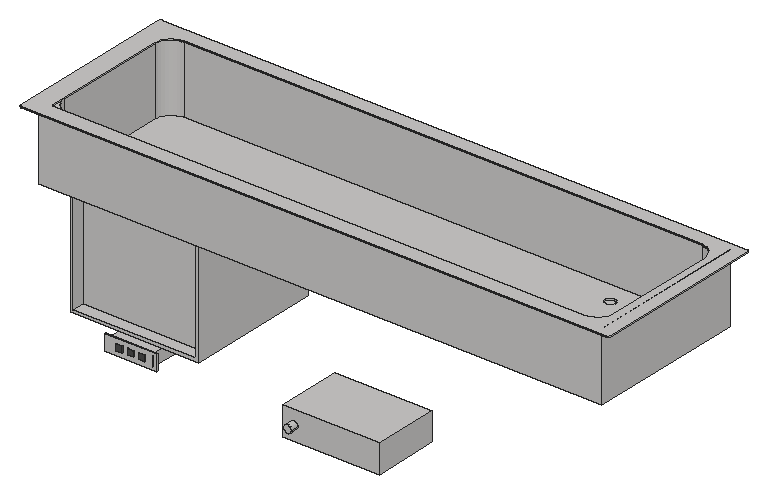
Revit family "QF_ELECTROLUXPROFESSIONAL_341040_D10C6", category Specialty Equipment, Revit 2018
Family settings
  Round Connector Dimension = Use Diameter
  Part Type = Normal
  Work Plane-Based = No
  Always vertical = Yes
  Cut with Voids When Loaded = No
  Shared = No
  Room Calculation Point = No
Parameters (values of type "341040.rfa")
  Weight = 0.00 kg
  Watts = 0 W
  Volts = 0 V
  URL Manufacturer = ""
  URL = ""
  Steam Supply Size = 0 mm
  Steam Supply Minimum Pressure = 0.0 Pa
  Steam Supply Maximum Pressure = 0.0 Pa
  Steam Pounds per Hour = 0
  Show Clearance [instance] = yes
  Remote Electrical Box_Z [instance] = 200.00 mm
  Remote Electrical Box_Y [instance] = 500.00 mm
  Remote Electrical Box_X [instance] = 1000.00 mm
  Refrigeration Suction Line Size = 0 mm
  Refrigeration Liquid Line Size = 0 mm
  Refrigerant Compressor Remote = yes
  Manufacturer = ""
  Phase = 0
  Model = ""
  Length Actual = 2070.00 mm  # constant formula
  Item Number = ""
  Hot Water Size = 0 mm
  Height Actual = 595.00 mm  # constant formula
  HP = "0 HP"
  Gas Size = 0 mm
  Gas KW = 0
  Gas Input Pressure = 0 W
  Direct Waste Size = 25.4 mm
  Description = ""
  Depth Actual = 620.00 mm  # constant formula
  Cycle = 0 Hz
  Controller_Y [instance] = 500.00 mm
  Controller_1Z [instance] = 200.00 mm
  Controller_1X [instance] = 300.00 mm
  Condensate Return Size = 0 mm
  Compressed Air Volume = 0.0 L/s
  Compressed Air Size = 0 mm
  Compressed Air Pressure = 0.0 Pa
  Cold Water Size = 0 mm
  Accessory = yes
Types (2, lengths in mm): name | Volts | URL Manufacturer | URL | Manufacturer | Phase | Model | Item Number | Description | Cycle
  341040.rfa | 0 V | "" | "" | "" | 0 | "" | "" | "" | 0 Hz
  Standard | 220 V | "http://professional.electrolux.com" | "http://professional.electrolux.com" | "Electrolux Professional" | 1 | "D10C6" | "341040" | "DROP-IN REFRIGERATED WELL, STATIC, 6GN" | 50 Hz
Reference planes
  plane 1 "Centro (Fronte/Retro)": y = 74.737
  plane 2: z = 0
  plane 3 "BACK": y = 384.737
  plane 4 "FRONT": y = -235.263
  plane 5 "RIGHT": x = 520.731
  plane 6 "LEFT": x = -1549.269
  plane 7: x = -514.269
  plane 8 "TOP": z = 900
  plane 9: y = 354.737
  plane 10: y = -205.263
  plane 11: x = 473.531
  plane 12: x = -1502.069
  plane 13: y = 329.737
  plane 14: y = -180.263
  plane 15: x = -1479.269
  plane 16: x = 450.731
  plane 17: z = 898
  plane 18: z = 658
  plane 19: z = 661
  plane 20: z = 265
  plane 21: x = -354.269
  plane 22: y = 349.537
  plane 23: y = -200.063
  plane 24: x = -1424.269
  plane 25: x = -974.269
  plane 26: y = 254.737
  plane 27 "1": x = 134.731
  plane 28: y = -165.263
  plane 29: y = 314.737
  plane 30: x = -1249.269
  plane 31: x = -549.269
  plane 32: y = -115.263
  plane 33: y = -115.263
  plane 34: z = 200
  plane 35: z = 200
Forms (mm)
  Extrusion 1, solid, material "QF_Finishes_Stainless Steel"
    sketch origin (0, 0, 900) x (-1, 0, 0) y (0, -1, 0)
      loop
        line (-473.531, -354.737) -> (1502.069, -354.737) -> (1502.069, 205.263) -> (-473.531, 205.263) -> (-473.531, -354.737)
    from -2 to -242
  Extrusion 2, void
    sketch origin (0, 0, 900) x (-1, 0, 0) y (0, -1, 0)
      loop
        line (1479.269, -273.737) -> (1479.269, 124.263)
        arc (1479.269, 124.263) -> (1462.867, 163.861) -> (1423.269, 180.263) r 56
        line (1423.269, 180.263) -> (-394.731, 180.263)
        arc (-394.731, 180.263) -> (-434.329, 163.861) -> (-450.731, 124.263) r 56
        line (-450.731, 124.263) -> (-450.731, -273.737)
        arc (-450.731, -273.737) -> (-434.329, -313.335) -> (-394.731, -329.737) r 56
        line (-394.731, -329.737) -> (1423.269, -329.737)
        arc (1423.269, -329.737) -> (1462.867, -313.335) -> (1479.269, -273.737) r 56
    from 0 to -239
  Extrusion 3, void
    sketch origin (-739.395, -193.95, 900) x (-1, 0, 0) y (0, -1, 0)
      loop
        circle (-874.126, -448.687) r 18
    from -243.6 to -239
  Extrusion 4, solid, material "QF_Finishes_Stainless Steel"
    sketch origin (232.311, 82.737, 0) x (0, -1, 0) y (0, 0, -1)
      loop
        line (204.2, -275) -> (84.2, -275) -> (84.2, -613) -> (204.2, -613) -> (204.2, -275)
    from -1644.58 to -1218.58
  Extrusion 5, solid, material "QF_Finishes_Stainless Steel"
    sketch origin (0, 0, 900) x (-1, 0, 0) y (0, -1, 0)
      loop
        arc (1539.269, -384.737) -> (1546.34, -381.808) -> (1549.269, -374.737) r 10
        line (1549.269, -374.737) -> (1549.269, 225.263)
        arc (1549.269, 225.263) -> (1546.34, 232.334) -> (1539.269, 235.263) r 10
        line (1539.269, 235.263) -> (-510.731, 235.263)
        arc (-510.731, 235.263) -> (-517.802, 232.334) -> (-520.731, 225.263) r 10
        line (-520.731, 225.263) -> (-520.731, -374.737)
        arc (-520.731, -374.737) -> (-517.802, -381.808) -> (-510.731, -384.737) r 10
        line (-510.731, -384.737) -> (1539.269, -384.737)
      loop
        arc (1423.269, -329.737) -> (1462.867, -313.335) -> (1479.269, -273.737) r 56
        line (1479.269, -273.737) -> (1479.269, 172.933)
        arc (1479.269, 172.933) -> (1477.122, 178.116) -> (1471.939, 180.263) r 7.33
        line (1471.939, 180.263) -> (-394.731, 180.263)
        arc (-394.731, 180.263) -> (-434.329, 163.861) -> (-450.731, 124.263) r 56
        line (-450.731, 124.263) -> (-450.731, -273.737)
        arc (-450.731, -273.737) -> (-434.329, -313.335) -> (-394.731, -329.737) r 56
        line (-394.731, -329.737) -> (1423.269, -329.737)
    from 0 to -2
  Sweep 6, solid, material "QF_Finishes_Stainless Steel"
    path origin (134.731, 0, 0) x (0, 1, 0) y (0, 0, 1)
      loop
        line (254.737, 658) -> (254.737, 630) -> (204.737, 630)
    profile origin (134.731, 254.737, 644) x (1, 0, 0) y (0, 1, 0)
      loop
        circle (0, 0) r 18
  Extrusion 7, solid, material "QF_Finishes_Stainless Steel"
    sketch origin (231.731, -231.263, 456) x (0, 0, 1) y (-1, 0, 0)
      loop
        line (202, 1656) -> (-191, 1656) -> (-191, 1206) -> (202, 1206) -> (202, 1216) -> (-181, 1216) -> (-181, 1646) -> (202, 1646) -> (202, 1656)
    from -546 to -66
Cuts and joins
  Extrusion 2, Extrusion 3 cuts Extrusion 1
Lines and regions (mm)
  symbolic lines
    curve 1: line (510.731, 384.737, 900) -> (-1539.269, 384.737, 900)
    curve 2: arc (-1539.269, 384.737, 900) -> (-1546.34, 381.808, 900) -> (-1549.269, 374.737, 900) r 10
    curve 3: line (-1549.269, 374.737, 900) -> (-1549.269, -225.263, 900)
    curve 4: arc (-1549.269, -225.263, 900) -> (-1546.34, -232.334, 900) -> (-1539.269, -235.263, 900) r 10
    curve 5: line (-1539.269, -235.263, 900) -> (510.731, -235.263, 900)
    curve 6: arc (510.731, -235.263, 900) -> (517.802, -232.334, 900) -> (520.731, -225.263, 900) r 10
    curve 7: line (520.731, -225.263, 900) -> (520.731, 374.737, 900)
    curve 8: arc (520.731, 374.737, 900) -> (517.802, 381.808, 900) -> (510.731, 384.737, 900) r 10
    curve 9: line (-1479.269, -124.263, 900) -> (-1479.269, 273.737, 900)
    curve 10: arc (-1479.269, 273.737, 900) -> (-1462.867, 313.335, 900) -> (-1423.269, 329.737, 900) r 56
    curve 11: line (-1423.269, 329.737, 900) -> (394.731, 329.737, 900)
    curve 12: arc (394.731, 329.737, 900) -> (434.329, 313.335, 900) -> (450.731, 273.737, 900) r 56
    curve 13: line (450.731, 273.737, 900) -> (450.731, -124.263, 900)
    curve 14: arc (450.731, -124.263, 900) -> (434.329, -163.861, 900) -> (394.731, -180.263, 900) r 56
    curve 15: line (394.731, -180.263, 900) -> (-1423.269, -180.263, 900)
    curve 16: arc (-1423.269, -180.263, 900) -> (-1462.867, -163.861, 900) -> (-1479.269, -124.263, 900) r 56
    curve 17: arc (152.731, 254.737, 900) -> (134.731, 272.737, 900) -> (116.731, 254.737, 900) r 18
    curve 18: arc (116.731, 254.737, 900) -> (134.731, 236.737, 900) -> (152.731, 254.737, 900) r 18
  symbolic lines, style "SpecialityEquipmentHiddenLines"
    curve 19: line (-1502.069, 354.737, 900) -> (473.531, 354.737, 900)
    curve 20: line (-1502.069, -205.263, 900) -> (-1502.069, 354.737, 900)
    curve 21: line (473.531, -205.263, 900) -> (-1502.069, -205.263, 900)
    curve 22: line (473.531, 354.737, 900) -> (473.531, -205.263, 900)
    curve 23: line (-1424.269, 314.737, 900) -> (-974.269, 314.737, 900)
    curve 24: line (-1424.269, -165.263, 900) -> (-1424.269, 314.737, 900)
    curve 25: line (-974.269, -165.263, 900) -> (-1424.269, -165.263, 900)
    curve 26: line (-974.269, 314.737, 900) -> (-974.269, -165.263, 900)
    curve 27: line (-1157.569, 329.737, 0) -> (-1157.569, -180.263, 0)
    curve 28: line (-835.909, 329.737, 0) -> (-835.909, -180.263, 0)
    curve 29: line (-514.249, 329.737, 0) -> (-514.249, -180.263, 0)
    curve 30: line (-192.589, 329.737, 0) -> (-192.589, -180.263, 0)
    curve 31: line (129.071, 329.737, 0) -> (129.071, -180.263, 0)
Dimensions and locks
  plane 6 "LEFT" to plane 5 "RIGHT" = 2070.00 mm
  equal spacing: plane 3 "BACK", plane 1 "Centro (Fronte/Retro)", plane 4 "FRONT"
  plane 3 "BACK" to plane 4 "FRONT" = 620.00 mm
  equal spacing: plane 6 "LEFT", plane 7, plane 5 "RIGHT"
  locked: plane 8 "TOP" to plane 2 at 900
  locked: plane 6 "LEFT" to plane 12 at 47.2
  locked: plane 11 to plane 5 "RIGHT" at 47.2
  locked: plane 3 "BACK" to plane 9 at 30
  locked: plane 10 to plane 4 "FRONT" at 30
  locked: plane 3 "BACK" to plane 13 at 55
  locked: plane 14 to plane 4 "FRONT" at 55
  locked: plane 6 "LEFT" to plane 15 at 70
  locked: plane 16 to plane 5 "RIGHT" at 70
  locked: plane 8 "TOP" to plane 17 at 2
  plane 8 "TOP" to plane 18 = 242.00 mm
  locked: plane 19 to plane 18 at 3
  plane 8 "TOP" to plane 20 = 635.00 mm
  plane 25 to plane 24 = 450.00 mm
  locked: plane 13 to plane 26 at 75
  locked: plane 24 to Extrusion 4 at 12
  locked: plane 25 to Extrusion 4 at 12
  plane 24 to plane 6 "LEFT" = 125.00 mm
  plane 15 to plane 16 = 1930.00 mm
  Extrusion 5 to Extrusion 5 = 510.00 mm
  equal spacing: plane 28, plane 1 "Centro (Fronte/Retro)", plane 29
  plane 28 to plane 29 = 480.00 mm
  "Controller_Y": plane 3 "BACK" to plane 33
  "Remote Electrical Box_Y": plane 3 "BACK" to plane 32
  "Controller_1X": plane 6 "LEFT" to plane 30
  "Remote Electrical Box_X": plane 6 "LEFT" to plane 31
  "Controller_1Z": plane 35 to plane 2
  "Remote Electrical Box_Z": plane 34 to plane 2
  aligned and locked: level to plane 2
  aligned and locked: Extrusion 1 sketch curve to plane 9
  aligned and locked: plane 11 to Extrusion 1 sketch curve
  aligned and locked: Extrusion 1 sketch curve to plane 10
  aligned and locked: Extrusion 1 sketch curve to plane 12
  aligned and locked: Extrusion 1 to plane 18
  aligned and locked: Extrusion 2 to plane 19
  aligned and locked: Extrusion 3 to plane 19
  aligned and locked: plane 6 "LEFT" to Extrusion 5 sketch curve
  aligned and locked: Extrusion 5 sketch curve to plane 3 "BACK"
  aligned and locked: Extrusion 5 sketch curve to plane 5 "RIGHT"
  aligned and locked: plane 4 "FRONT" to Extrusion 5 sketch curve
  aligned and locked: Extrusion 5 sketch curve to plane 16
  aligned and locked: Extrusion 5 sketch curve to plane 13
  aligned and locked: plane 15 to Extrusion 5 sketch curve
  aligned and locked: Extrusion 5 sketch curve to plane 14
  aligned and locked: Extrusion 5 to plane 17
  aligned and locked: plane 29 to Extrusion 7
  aligned and locked: Extrusion 7 to plane 28
  aligned and locked: plane 30 to nested 1
  aligned and locked: plane 31 to nested 2
  aligned and locked: plane 32 to nested 2
  aligned and locked: nested 1 to plane 33
  aligned and locked: plane 34 to nested 2
  aligned and locked: nested 1 to plane 35
Automatic sketch dimensions
  Extrusion 2 sketch curve to plane 13 = 56.00 mm
  Extrusion 2 sketch curve to plane 16 = 56.00 mm
  plane 14 to Extrusion 2 sketch curve = 56.00 mm
  plane 15 to Extrusion 2 sketch curve = 56.00 mm
  plane 20 to Extrusion 4 sketch curve = 10.00 mm
  Extrusion 4 sketch curve to plane 22 = 351.00 mm
  Extrusion 4 sketch curve to Extrusion 4 sketch curve = 120.00 mm
  Extrusion 4 sketch curve to plane 18 = 45.00 mm
  Extrusion 3 sketch curve to plane 26 = 0.00 mm
  Extrusion 2 sketch curve to plane 16 = 0.00 mm
  plane 14 to Extrusion 2 sketch curve = 0.00 mm
  Extrusion 2 sketch curve to plane 13 = 0.00 mm
  Extrusion 2 sketch curve to plane 15 = 0.00 mm
  Extrusion 5 sketch curve to plane 5 "RIGHT" = 10.00 mm
  Extrusion 5 sketch curve to plane 3 "BACK" = 10.00 mm  (x2)
  plane 6 "LEFT" to Extrusion 5 sketch curve = 10.00 mm
  plane 26 to Extrusion 5 sketch curve = 19.00 mm
  Extrusion 5 sketch curve to plane 24 = 47.67 mm
  Extrusion 3 sketch curve to plane 16 = 316.00 mm
  Extrusion 5 sketch curve to plane 16 = 56.00 mm
  Extrusion 5 sketch curve to Extrusion 5 sketch curve = 56.00 mm
  Sweep 6 sketch curve to plane 26 = 0.00 mm
  Sweep 6 sketch curve to plane 18 = 0.00 mm
  Sweep 6 sketch curve to plane 18 = 28.00 mm
  Sweep 6 sketch curve to Sweep 6 sketch curve = 50.00 mm
  Sweep 6 sketch curve to Sweep 6 sketch curve = 0.00 mm  (x2)
  profile plane to Sweep 6 sketch curve = 0.00 mm
  Sweep 6 sketch curve to plane 27 "1" = 0.00 mm
  Sweep 6 sketch curve to Sweep 6 sketch curve = 18.00 mm
  Extrusion 7 sketch curve to plane 20 = 0.00 mm
  Extrusion 7 sketch curve to plane 18 = 0.00 mm  (x2)
  Extrusion 7 sketch curve to plane 25 = 0.00 mm
  Extrusion 7 sketch curve to plane 24 = 0.00 mm
  plane 20 to Extrusion 7 sketch curve = 10.00 mm
  Extrusion 7 sketch curve to plane 25 = 10.00 mm
  plane 24 to Extrusion 7 sketch curve = 10.00 mm
  curve 17 to curve 18 = 0.00 mm  (x2)
  curve 7 to plane 5 "RIGHT" = 0.00 mm
  curve 5 to plane 4 "FRONT" = 0.00 mm
  curve 1 to plane 3 "BACK" = 0.00 mm
  plane 10 to curve 22 = 0.00 mm
  curve 22 to plane 11 = 0.00 mm
  curve 13 to plane 16 = 0.00 mm
  plane 13 to curve 11 = 0.00 mm
  plane 14 to curve 15 = 0.00 mm
  plane 26 to curve 18 = 0.00 mm
  curve 18 to plane 27 "1" = 0.00 mm
  curve 25 to plane 25 = 0.00 mm
  curve 25 to plane 24 = 0.00 mm
  curve 16 to plane 15 = 0.00 mm
  curve 19 to plane 9 = 0.00 mm
  curve 19 to plane 12 = 0.00 mm
  curve 4 to plane 6 "LEFT" = 0.00 mm
  curve 23 to plane 29 = 0.00 mm
  curve 24 to plane 28 = 0.00 mm
  curve 6 to curve 6 = 10.00 mm
  curve 1 to plane 5 "RIGHT" = 10.00 mm
  curve 11 to plane 16 = 56.00 mm
  plane 28 to curve 14 = 41.00 mm
  plane 24 to curve 15 = 1.00 mm
  plane 24 to curve 11 = 1.00 mm
  plane 6 "LEFT" to curve 1 = 10.00 mm
  plane 6 "LEFT" to curve 5 = 10.00 mm
  plane 27 "1" to curve 18 = 18.00 mm
  curve 27 to plane 14 = 0.00 mm
  curve 27 to plane 13 = 0.00 mm
  curve 28 to plane 14 = 0.00 mm
  curve 28 to plane 13 = 0.00 mm
  curve 29 to plane 13 = 0.00 mm
  curve 29 to plane 14 = 0.00 mm
  plane 14 to curve 30 = 0.00 mm
  curve 30 to plane 13 = 0.00 mm
  plane 14 to curve 31 = 0.00 mm
  plane 13 to curve 31 = 0.00 mm
  curve 27 to plane 25 = 183.30 mm
  plane 25 to curve 28 = 138.36 mm
  curve 29 to plane 21 = 159.98 mm
  curve 30 to plane 27 "1" = 327.32 mm
  curve 31 to plane 27 "1" = 5.66 mm
  radius of Extrusion 3 sketch curve = 18.00 mm
Nested families
  nested 1: "Controller" at (-1249.269, -115.263, 200), type "Controller"
  nested 2: "Remote_Electrical_Box" at (-549.269, -0.263, 100), type "Remote_Electrical_Box"
  nested 3: "Refrigerator" at (340.731, -45.263, 900), type "Refrigerator"
Connectors
  piping at (134.731, 204.737, 630), diameter 36
    settings: on Sweep 6, index 1, connector inside diameter 609.6 mm, connector length 0.00 mm, flow factor 0, pipe flow 0.0 L/s, pressure drop 0.0 Pa, fitting loss kfactor 0, connector angle 0.00°, fixture units 0, engagement length 0.00 mm, angle of deflection 0.00°, flow configuration 1, flow direction 1, fitting loss method 0, system type 16, joint type 0, gender type 0, connector reference index -1, connector utility 0, adjustable connector no, is connector primary yes, connector description "Drain"
  electrical at (-679.269, -142.263, 149.381)
    settings: on nested 2, index 2, voltage 0 V, apparent load 0 VA, apparent load phase1 0 VA, apparent load phase2 0 VA, apparent load phase3 0 VA, power factor 1, load classification "Altro", number of poles 1, system type 14, power factor state 1, is connector primary yes, connector utility no, sub classification motor no, connector description ""
Definition of nested family "Controller"
  Reference planes
    plane 1 "Center (Front/Back)": y = 0
    plane 2: z = 0
    plane 3 "Center (Left/Right)": x = 0
  Forms (mm)
    Extrusion 1, solid
      sketch origin (0, 44.769, -48.2) x (1, 0, 0) y (0, 1, 0)
        loop
          line (-76, 43.231) -> (-76, -47.65) -> (76, -47.65) -> (76, 43.231) -> (-76, 43.231)
      from 6.2 to 48.2
    Extrusion 2, solid
      sketch origin (0, 44.769, -48.2) x (1, 0, 0) y (0, 0, 1)
        loop
          line (-92.25, 54.4) -> (-92.25, 0) -> (92.25, 0) -> (92.25, 54.4) -> (-92.25, 54.4)
        loop
          line (-76, 48.2) -> (-76, 6.2) -> (76, 6.2) -> (76, 48.2) -> (-76, 48.2)
      from 44.769 to 47.65
    Extrusion 3, solid
      sketch origin (76, -2.881, -48.2) x (-1, 0, 0) y (0, 0, -1)
        loop
          line (106, -37.2) -> (126, -37.2) -> (126, -17.2) -> (106, -17.2) -> (106, -37.2)
        loop
          line (66, -37.2) -> (86, -37.2) -> (86, -17.2) -> (66, -17.2) -> (66, -37.2)
        loop
          line (26, -37.2) -> (46, -37.2) -> (46, -17.2) -> (26, -17.2) -> (26, -37.2)
      from 0 to 2
    Extrusion 4, void
      sketch origin (0, 0, 0) x (1, 0, 0) y (0, 1, 0)
        loop
          line (76, 88) -> (-76, 88) -> (-76, 0) -> (76, 0) -> (76, 88)
      from 0 to -42
  Cuts and joins
    Extrusion 4 cuts Extrusion 2
    joined: Extrusion 1, Extrusion 2
  Lines and regions (mm)
    symbolic lines
      curve 1: line (-76, 88, 0) -> (-76, 0, 0)
      curve 2: line (76, 88, 0) -> (-76, 88, 0)
      curve 3: line (76, 0, 0) -> (76, 88, 0)
      curve 4: line (-92.25, -2.881, 0) -> (92.25, -2.881, 0)
      curve 5: line (-92.25, 0, 0) -> (-92.25, -2.881, 0)
      curve 6: line (92.25, 0, 0) -> (-92.25, 0, 0)
      curve 7: line (92.25, -2.881, 0) -> (92.25, 0, 0)
  Dimensions and locks
    aligned and locked: level to plane 2
Definition of nested family "Remote_Electrical_Box"
  Parameters (values of type "Remote_Electrical_Box")
    Default Elevation = 1219.20 mm
  Reference planes
    plane 1 "Center (Front/Back)": y = 0
    plane 2: z = 0
    plane 3 "Center (Left/Right)": x = 0
    plane 4: x = -170
    plane 5: x = 170
    plane 6: y = 115
    plane 7: y = -115
    plane 8: z = 100
    plane 9: z = 50
  Forms (mm)
    Extrusion 1, solid
      sketch origin (0, 0, 0) x (1, 0, 0) y (0, 1, 0)
        loop
          line (-170, 115) -> (-170, -115) -> (170, -115) -> (170, 115) -> (-170, 115)
      from 0 to 100
    Extrusion 2, solid
      sketch origin (0, 0, 0) x (1, 0, 0) y (0, 0, 1)
        loop
          circle (-130, 49.381) r 13
      from 115 to 142
  Lines and regions (mm)
    symbolic lines
      curve 1: line (-170, 115, 0) -> (170, 115, 0)
      curve 2: line (-170, -115, 0) -> (-170, 115, 0)
      curve 3: line (170, -115, 0) -> (-170, -115, 0)
      curve 4: line (170, 115, 0) -> (170, -115, 0)
      curve 5: line (-143, -142, 0) -> (-117, -142, 0)
      curve 6: line (-143, -142, 0) -> (-143, -115, 0)
      curve 7: line (-117, -142, 0) -> (-117, -115, 0)
  Dimensions and locks
    equal spacing: plane 4, plane 3 "Center (Left/Right)", plane 5
    equal spacing: plane 6, plane 1 "Center (Front/Back)", plane 7
    plane 4 to plane 5 = 340.00 mm
    plane 6 to plane 7 = 230.00 mm
    Extrusion 1 to Extrusion 2 sketch curve = 40.00 mm
    equal spacing: plane 8, plane 9, plane 2
    aligned and locked: level to plane 2
    aligned and locked: Extrusion 1 sketch curve to plane 6
    aligned and locked: plane 4 to Extrusion 1 sketch curve
    aligned and locked: plane 7 to Extrusion 1 sketch curve
    aligned and locked: Extrusion 1 sketch curve to plane 5
    aligned and locked: plane 7 to Extrusion 2
    aligned and locked: plane 8 to Extrusion 1
  Automatic sketch dimensions
    level to Extrusion 2 sketch curve = 49.381 mm
    curve 3 to plane 4 = 0.00 mm
    curve 7 to plane 7 = 0.00 mm
    curve 3 to plane 5 = 0.00 mm
    curve 2 to plane 6 = 0.00 mm
    plane 4 to curve 6 = 27.00 mm
    curve 5 to curve 6 = 27.00 mm
    curve 6 to curve 7 = 26.00 mm
    radius of Extrusion 2 sketch curve = 13.00 mm
Definition of nested family "Refrigerator"
  Reference planes
    plane 1 "Center (Front/Back)": y = 0
    plane 2: z = 0
    plane 3 "Center (Left/Right)": x = 0
  Lines and regions (mm)
    detail lines, in view "Ref. Level"
      curve 1: line (0, -60, 0) -> (0, 60, 0)
      curve 2: line (-51.962, 30, 0) -> (51.962, -30, 0)
      curve 3: line (-51.962, -30, 0) -> (51.962, 30, 0)
      curve 4: line (19.116, 56.873, 0) -> (0, 35, 0)
      curve 5: line (0, 35, 0) -> (-19.116, 56.873, 0)
      curve 6: line (-30.311, 17.5, 0) -> (-40, 45.883, 0)
      curve 7: line (-59.736, 11.7, 0) -> (-30.311, 17.5, 0)
      curve 8: line (-30.311, -17.5, 0) -> (-59.736, -11.7, 0)
      curve 9: line (-40, -45.883, 0) -> (-30.311, -17.5, 0)
      curve 10: line (0, -35, 0) -> (-19.116, -56.873, 0)
      curve 11: line (19.116, -56.873, 0) -> (0, -35, 0)
      curve 12: line (30.311, -17.5, 0) -> (39.696, -44.992, 0)
      curve 13: line (58.812, -11.882, 0) -> (30.311, -17.5, 0)
      curve 14: line (30.311, 17.5, 0) -> (58.812, 11.882, 0)
      curve 15: line (39.696, 44.992, 0) -> (30.311, 17.5, 0)
